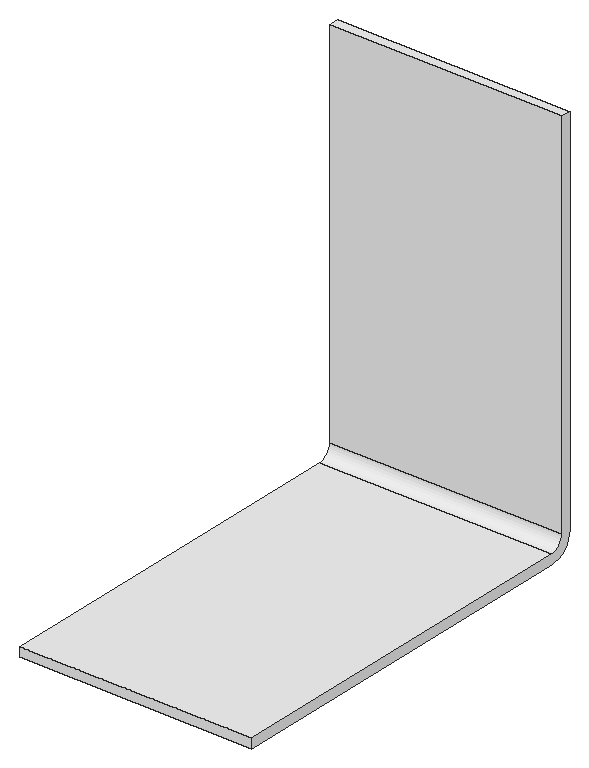
Revit family "JOMA_Spikplåtsvinklar", category Structural Connections, host Face, Revit 2012 (continued)
Lines and regions (mm)
  symbolic lines, visible <- "Spikplåtsvinkel 5512100"
    curve 725: circle (-40, 0, 190) r 2.5 normal (0, -1, 0)
    curve 726: circle (-20, 0, 190) r 2.5 normal (0, -1, 0)
    curve 727: circle (0, 0, 190) r 2.5 normal (0, -1, 0)
    curve 728: circle (20, 0, 190) r 2.5 normal (0, -1, 0)
    curve 729: circle (40, 0, 190) r 2.5 normal (0, -1, 0)
    curve 730: circle (-30, 0, 170) r 2.5 normal (0, -1, 0)
    curve 731: circle (-10, 0, 170) r 2.5 normal (0, -1, 0)
    curve 732: circle (10, 0, 170) r 2.5 normal (0, -1, 0)
    curve 733: circle (30, 0, 170) r 2.5 normal (0, -1, 0)
    curve 734: circle (-40, 0, 150) r 2.5 normal (0, -1, 0)
    curve 735: circle (-20, 0, 150) r 2.5 normal (0, -1, 0)
    curve 736: circle (0, 0, 150) r 2.5 normal (0, -1, 0)
    curve 737: circle (20, 0, 150) r 2.5 normal (0, -1, 0)
    curve 738: circle (40, 0, 150) r 2.5 normal (0, -1, 0)
    curve 739: circle (-30, 0, 130) r 2.5 normal (0, -1, 0)
    curve 740: circle (-10, 0, 130) r 2.5 normal (0, -1, 0)
    curve 741: circle (10, 0, 130) r 2.5 normal (0, -1, 0)
    curve 742: circle (30, 0, 130) r 2.5 normal (0, -1, 0)
    curve 743: circle (-40, 0, 110) r 2.5 normal (0, -1, 0)
    curve 744: circle (-20, 0, 110) r 2.5 normal (0, -1, 0)
    curve 745: circle (0, 0, 110) r 2.5 normal (0, -1, 0)
    curve 746: circle (20, 0, 110) r 2.5 normal (0, -1, 0)
    curve 747: circle (40, 0, 110) r 2.5 normal (0, -1, 0)
    curve 748: circle (-30, 0, 90) r 2.5 normal (0, -1, 0)
    curve 749: circle (-10, 0, 90) r 2.5 normal (0, -1, 0)
    curve 750: circle (10, 0, 90) r 2.5 normal (0, -1, 0)
    curve 751: circle (30, 0, 90) r 2.5 normal (0, -1, 0)
    curve 752: circle (-40, 0, 70) r 2.5 normal (0, -1, 0)
    curve 753: circle (-20, 0, 70) r 2.5 normal (0, -1, 0)
    curve 754: circle (0, 0, 70) r 2.5 normal (0, -1, 0)
    curve 755: circle (20, 0, 70) r 2.5 normal (0, -1, 0)
    curve 756: circle (40, 0, 70) r 2.5 normal (0, -1, 0)
    curve 757: circle (-30, 0, 50) r 2.5 normal (0, -1, 0)
    curve 758: circle (-10, 0, 50) r 2.5 normal (0, -1, 0)
    curve 759: circle (10, 0, 50) r 2.5 normal (0, -1, 0)
    curve 760: circle (30, 0, 50) r 2.5 normal (0, -1, 0)
    curve 761: circle (-40, 0, 30) r 2.5 normal (0, -1, 0)
    curve 762: circle (-20, 0, 30) r 2.5 normal (0, -1, 0)
    curve 763: circle (0, 0, 30) r 2.5 normal (0, -1, 0)
    curve 764: circle (20, 0, 30) r 2.5 normal (0, -1, 0)
    curve 765: circle (40, 0, 30) r 2.5 normal (0, -1, 0)
    curve 766: circle (-30, 0, 10) r 2.5 normal (0, -1, 0)
    curve 767: circle (-10, 0, 10) r 2.5 normal (0, -1, 0)
    curve 768: circle (10, 0, 10) r 2.5 normal (0, -1, 0)
    curve 769: circle (30, 0, 10) r 2.5 normal (0, -1, 0)
  symbolic lines, visible <- "Spikplåtsvinkel 5512100", not visible
    curve 702: circle (-40, -90, 0) r 2.5 normal (0, 0, 1)
    curve 703: circle (-20, -90, 0) r 2.5 normal (0, 0, 1)
    curve 704: circle (0, -90, 0) r 2.5 normal (0, 0, 1)
    curve 705: circle (20, -90, 0) r 2.5 normal (0, 0, 1)
    curve 706: circle (40, -90, 0) r 2.5 normal (0, 0, 1)
    curve 707: circle (-30, -70, 0) r 2.5 normal (0, 0, 1)
    curve 708: circle (-10, -70, 0) r 2.5 normal (0, 0, 1)
    curve 709: circle (10, -70, 0) r 2.5 normal (0, 0, 1)
    curve 710: circle (30, -70, 0) r 2.5 normal (0, 0, 1)
    curve 711: circle (-40, -50, 0) r 2.5 normal (0, 0, 1)
    curve 712: circle (-20, -50, 0) r 2.5 normal (0, 0, 1)
    curve 713: circle (0, -50, 0) r 2.5 normal (0, 0, 1)
    curve 714: circle (20, -50, 0) r 2.5 normal (0, 0, 1)
    curve 715: circle (40, -50, 0) r 2.5 normal (0, 0, 1)
    curve 716: circle (-30, -30, 0) r 2.5 normal (0, 0, 1)
    curve 717: circle (-10, -30, 0) r 2.5 normal (0, 0, 1)
    curve 718: circle (10, -30, 0) r 2.5 normal (0, 0, 1)
    curve 719: circle (30, -30, 0) r 2.5 normal (0, 0, 1)
    curve 720: circle (-40, -10, 0) r 2.5 normal (0, 0, 1)
    curve 721: circle (-20, -10, 0) r 2.5 normal (0, 0, 1)
    curve 722: circle (0, -10, 0) r 2.5 normal (0, 0, 1)
    curve 723: circle (20, -10, 0) r 2.5 normal (0, 0, 1)
    curve 724: circle (40, -10, 0) r 2.5 normal (0, 0, 1)
    curve 770: circle (-40, 0, 190) r 2.5 normal (0, -1, 0)
    curve 771: circle (-20, 0, 190) r 2.5 normal (0, -1, 0)
    curve 772: circle (0, 0, 190) r 2.5 normal (0, -1, 0)
    curve 773: circle (20, 0, 190) r 2.5 normal (0, -1, 0)
    curve 774: circle (40, 0, 190) r 2.5 normal (0, -1, 0)
    curve 775: circle (-30, 0, 170) r 2.5 normal (0, -1, 0)
    curve 776: circle (-10, 0, 170) r 2.5 normal (0, -1, 0)
    curve 777: circle (10, 0, 170) r 2.5 normal (0, -1, 0)
    curve 778: circle (30, 0, 170) r 2.5 normal (0, -1, 0)
    curve 779: circle (-40, 0, 150) r 2.5 normal (0, -1, 0)
    curve 780: circle (-20, 0, 150) r 2.5 normal (0, -1, 0)
    curve 781: circle (0, 0, 150) r 2.5 normal (0, -1, 0)
    curve 782: circle (20, 0, 150) r 2.5 normal (0, -1, 0)
    curve 783: circle (40, 0, 150) r 2.5 normal (0, -1, 0)
    curve 784: circle (-30, 0, 130) r 2.5 normal (0, -1, 0)
    curve 785: circle (-10, 0, 130) r 2.5 normal (0, -1, 0)
    curve 786: circle (10, 0, 130) r 2.5 normal (0, -1, 0)
    curve 787: circle (30, 0, 130) r 2.5 normal (0, -1, 0)
    curve 788: circle (-40, 0, 110) r 2.5 normal (0, -1, 0)
    curve 789: circle (-20, 0, 110) r 2.5 normal (0, -1, 0)
    curve 790: circle (0, 0, 110) r 2.5 normal (0, -1, 0)
    curve 791: circle (20, 0, 110) r 2.5 normal (0, -1, 0)
    curve 792: circle (40, 0, 110) r 2.5 normal (0, -1, 0)
    curve 793: circle (-30, 0, 90) r 2.5 normal (0, -1, 0)
    curve 794: circle (-10, 0, 90) r 2.5 normal (0, -1, 0)
    curve 795: circle (10, 0, 90) r 2.5 normal (0, -1, 0)
    curve 796: circle (30, 0, 90) r 2.5 normal (0, -1, 0)
    curve 797: circle (-40, 0, 70) r 2.5 normal (0, -1, 0)
    curve 798: circle (-20, 0, 70) r 2.5 normal (0, -1, 0)
    curve 799: circle (0, 0, 70) r 2.5 normal (0, -1, 0)
    curve 800: circle (20, 0, 70) r 2.5 normal (0, -1, 0)
    curve 801: circle (40, 0, 70) r 2.5 normal (0, -1, 0)
    curve 802: circle (-30, 0, 50) r 2.5 normal (0, -1, 0)
    curve 803: circle (-10, 0, 50) r 2.5 normal (0, -1, 0)
    curve 804: circle (10, 0, 50) r 2.5 normal (0, -1, 0)
    curve 805: circle (30, 0, 50) r 2.5 normal (0, -1, 0)
    curve 806: circle (-40, 0, 30) r 2.5 normal (0, -1, 0)
    curve 807: circle (-20, 0, 30) r 2.5 normal (0, -1, 0)
    curve 808: circle (0, 0, 30) r 2.5 normal (0, -1, 0)
    curve 809: circle (20, 0, 30) r 2.5 normal (0, -1, 0)
    curve 810: circle (40, 0, 30) r 2.5 normal (0, -1, 0)
    curve 811: circle (-30, 0, 10) r 2.5 normal (0, -1, 0)
    curve 812: circle (-10, 0, 10) r 2.5 normal (0, -1, 0)
    curve 813: circle (10, 0, 10) r 2.5 normal (0, -1, 0)
    curve 814: circle (30, 0, 10) r 2.5 normal (0, -1, 0)
Text (mm)
  text "Virkesdel B" at (228.155, -3.724, 0), in view "Ref. Level"
  text "Virkesdel A" at (235.948, 0, 97.572), in view "Front"
Dimensions and locks
  "b": plane 5 to plane 4
  "l": plane 1 "Center (Front/Back)" to plane 6
  "h": plane 7 to host face
  equal spacing: plane 5, plane 3 "Center (Left/Right)", plane 4
  "t": plane 1 "Center (Front/Back)" to Extrusion 1
  "t": Extrusion 1 to host face
  "ir": radius of Extrusion 1 sketch curve
  "yr": radius of Extrusion 1 sketch curve
  aligned and locked: plane 2 to host face
  aligned and locked: level to host face
  aligned and locked: plane 5 to Extrusion 1
  aligned and locked: Extrusion 1 to plane 4
  aligned and locked: Extrusion 1 to plane 6
  aligned and locked: plane 7 to Extrusion 1
  aligned and locked: Extrusion 1 sketch curve to level
Automatic sketch dimensions
  curve 3 to curve 5 = 10.000 mm
  curve 3 to curve 1 = 10.000 mm
  curve 3 to curve 4 = 20.000 mm
  curve 5 to curve 6 = 20.000 mm
  curve 1 to curve 2 = 20.000 mm
  curve 4 to curve 7 = 20.000 mm
  curve 5 to curve 6 = 0.000 mm
  curve 5 to curve 4 = 20.000 mm
  curve 3 to curve 4 = 0.000 mm
  curve 7 to curve 4 = 0.000 mm
  curve 7 to curve 2 = 20.000 mm
  curve 1 to curve 2 = 0.000 mm
  curve 10 to curve 12 = 10.000 mm
  curve 10 to curve 8 = 10.000 mm
  curve 10 to curve 11 = 20.000 mm
  curve 12 to curve 13 = 20.000 mm
  curve 8 to curve 9 = 20.000 mm
  curve 11 to curve 14 = 20.000 mm
  curve 12 to curve 13 = 0.000 mm
  curve 12 to curve 11 = 20.000 mm
  curve 10 to curve 11 = 0.000 mm
  curve 14 to curve 11 = 0.000 mm
  curve 14 to curve 9 = 20.000 mm
  curve 8 to curve 9 = 0.000 mm
  host sketch curve to host sketch curve = 2438.400 mm  (x2)
  Extrusion 1 sketch curve to Extrusion 1 sketch curve = 0.000 mm  (x2)
  Extrusion 1 sketch curve to plane 6 = 0.000 mm
  Extrusion 1 sketch curve to plane 7 = 0.000 mm
  Extrusion 1 sketch curve to plane 1 "Center (Front/Back)" = 0.000 mm
  radius of curve 1 = 2.500 mm
  radius of curve 2 = 2.500 mm
  radius of curve 3 = 2.500 mm
  radius of curve 4 = 2.500 mm
  radius of curve 5 = 2.500 mm
  radius of curve 6 = 2.500 mm
  radius of curve 7 = 2.500 mm
  radius of curve 8 = 2.500 mm
  radius of curve 9 = 2.500 mm
  radius of curve 10 = 2.500 mm
  radius of curve 11 = 2.500 mm
  radius of curve 12 = 2.500 mm
  radius of curve 13 = 2.500 mm
  radius of curve 14 = 2.500 mm
Nested families
  nested 1: "Spikmönster" at (-20, -10, 0), visible <- "5566060 & 5526660 Förband Typ 1", type "Ø5"
  nested 2: "Spikmönster" at (20, -10, 0), visible <- "5566060 & 5526660 Förband Typ 1", type "Ø5"
  nested 3: "Spikmönster" at (0, -50, 0), visible <- "5566060 & 5526660 Förband Typ 1", type "Ø5"
  nested 4: "Spikmönster" at (-20, -10, 0), visible <- "5566060 & 5526660 Förband Typ 1", type "Ø5", not visible
  nested 5: "Spikmönster" at (20, -10, 0), visible <- "5566060 & 5526660 Förband Typ 1", type "Ø5", not visible
  nested 6: "Spikmönster" at (0, -50, 0), visible <- "5566060 & 5526660 Förband Typ 1", type "Ø5", not visible
  nested 7: "Spikmönster" at (-20, 0, 30) x (1, 0, 0) z (0, -1, 0), visible <- "5566060 & 5526660 Förband Typ 1", type "Ø5"
  nested 8: "Spikmönster" at (20, 0, 30) x (1, 0, 0) z (0, -1, 0), visible <- "5566060 & 5526660 Förband Typ 1", type "Ø5"
  nested 9: "Spikmönster" at (10, 0, 50) x (1, 0, 0) z (0, -1, 0), visible <- "5566060 & 5526660 Förband Typ 1", type "Ø5"
  nested 10: "Spikmönster" at (-20, 0, 30) x (1, 0, 0) z (0, -1, 0), visible <- "5566060 & 5526660 Förband Typ 1", type "Ø5", not visible
  nested 11: "Spikmönster" at (20, 0, 30) x (1, 0, 0) z (0, -1, 0), visible <- "5566060 & 5526660 Förband Typ 1", type "Ø5", not visible
  nested 12: "Spikmönster" at (10, 0, 50) x (1, 0, 0) z (0, -1, 0), visible <- "5566060 & 5526660 Förband Typ 1", type "Ø5", not visible
  nested 13: "Spikmönster" at (-20, 0, 50) x (1, 0, 0) z (0, -1, 0), visible <- "5566080 & 5526680 Förband Typ 1", type "Ø5"
  nested 14: "Spikmönster" at (20, 0, 50) x (1, 0, 0) z (0, -1, 0), visible <- "5566080 & 5526680 Förband Typ 1", type "Ø5"
  nested 15: "Spikmönster" at (10, 0, 30) x (1, 0, 0) z (0, -1, 0), visible <- "5566080 & 5526680 Förband Typ 1", type "Ø5"
  nested 16: "Spikmönster" at (-30, 0, 30) x (1, 0, 0) z (0, -1, 0), visible <- "5566080 & 5526680 Förband Typ 1", type "Ø5"
  nested 17: "Spikmönster" at (-20, 0, 50) x (1, 0, 0) z (0, -1, 0), visible <- "5566080 & 5526680 Förband Typ 1", type "Ø5", not visible
  nested 18: "Spikmönster" at (20, 0, 50) x (1, 0, 0) z (0, -1, 0), visible <- "5566080 & 5526680 Förband Typ 1", type "Ø5", not visible
  nested 19: "Spikmönster" at (10, 0, 30) x (1, 0, 0) z (0, -1, 0), visible <- "5566080 & 5526680 Förband Typ 1", type "Ø5", not visible
  nested 20: "Spikmönster" at (-30, 0, 30) x (1, 0, 0) z (0, -1, 0), visible <- "5566080 & 5526680 Förband Typ 1", type "Ø5", not visible
  nested 21: "Spikmönster" at (-30, -10, 0), visible <- "5566080 & 5526680 Förband Typ 1", type "Ø5"
  nested 22: "Spikmönster" at (30, -10, 0), visible <- "5566080 & 5526680 Förband Typ 1", type "Ø5"
  nested 23: "Spikmönster" at (30, -50, 0), visible <- "5566080 & 5526680 Förband Typ 1", type "Ø5"
  nested 24: "Spikmönster" at (-30, -50, 0), visible <- "5566080 & 5526680 Förband Typ 1", type "Ø5"
  nested 25: "Spikmönster" at (-30, -10, 0), visible <- "5566080 & 5526680 Förband Typ 1", type "Ø5", not visible
  nested 26: "Spikmönster" at (30, -10, 0), visible <- "5566080 & 5526680 Förband Typ 1", type "Ø5", not visible
  nested 27: "Spikmönster" at (30, -50, 0), visible <- "5566080 & 5526680 Förband Typ 1", type "Ø5", not visible
  nested 28: "Spikmönster" at (-30, -50, 0), visible <- "5566080 & 5526680 Förband Typ 1", type "Ø5", not visible
  nested 29: "Spikmönster" at (-40, -10, 0), visible <- "5566100 & 55266100 Förband Typ 1", type "Ø5"
  nested 30: "Spikmönster" at (0, -10, 0), visible <- "5566100 & 55266100 Förband Typ 1", type "Ø5"
  nested 31: "Spikmönster" at (40, -10, 0), visible <- "5566100 & 55266100 Förband Typ 1", type "Ø5"
  nested 32: "Spikmönster" at (40, -50, 0), visible <- "5566100 & 55266100 Förband Typ 1", type "Ø5"
  nested 33: "Spikmönster" at (-40, -50, 0), visible <- "5566100 & 55266100 Förband Typ 1", type "Ø5"
  nested 34: "Spikmönster" at (-40, -10, 0), visible <- "5566100 & 55266100 Förband Typ 1", type "Ø5", not visible
  nested 35: "Spikmönster" at (0, -10, 0), visible <- "5566100 & 55266100 Förband Typ 1", type "Ø5", not visible
  nested 36: "Spikmönster" at (40, -10, 0), visible <- "5566100 & 55266100 Förband Typ 1", type "Ø5", not visible
  nested 37: "Spikmönster" at (40, -50, 0), visible <- "5566100 & 55266100 Förband Typ 1", type "Ø5", not visible
  nested 38: "Spikmönster" at (-40, -50, 0), visible <- "5566100 & 55266100 Förband Typ 1", type "Ø5", not visible
  nested 39: "Spikmönster" at (-30, 0, 50) x (1, 0, 0) z (0, -1, 0), visible <- "5566100 & 55266100 Förband Typ 1", type "Ø5"
  nested 40: "Spikmönster" at (30, 0, 50) x (1, 0, 0) z (0, -1, 0), visible <- "5566100 & 55266100 Förband Typ 1", type "Ø5"
  nested 41: "Spikmönster" at (40, 0, 30) x (1, 0, 0) z (0, -1, 0), visible <- "5566100 & 55266100 Förband Typ 1", type "Ø5"
  nested 42: "Spikmönster" at (0, 0, 30) x (1, 0, 0) z (0, -1, 0), visible <- "5566100 & 55266100 Förband Typ 1", type "Ø5"
  nested 43: "Spikmönster" at (-40, 0, 30) x (1, 0, 0) z (0, -1, 0), visible <- "5566100 & 55266100 Förband Typ 1", type "Ø5"
  nested 44: "Spikmönster" at (-30, 0, 50) x (1, 0, 0) z (0, -1, 0), visible <- "5566100 & 55266100 Förband Typ 1", type "Ø5", not visible
  nested 45: "Spikmönster" at (30, 0, 50) x (1, 0, 0) z (0, -1, 0), visible <- "5566100 & 55266100 Förband Typ 1", type "Ø5", not visible
  nested 46: "Spikmönster" at (40, 0, 30) x (1, 0, 0) z (0, -1, 0), visible <- "5566100 & 55266100 Förband Typ 1", type "Ø5", not visible
  nested 47: "Spikmönster" at (0, 0, 30) x (1, 0, 0) z (0, -1, 0), visible <- "5566100 & 55266100 Förband Typ 1", type "Ø5", not visible
  nested 48: "Spikmönster" at (-40, 0, 30) x (1, 0, 0) z (0, -1, 0), visible <- "5566100 & 55266100 Förband Typ 1", type "Ø5", not visible
  nested 49: "Spikmönster" at (-10, 0, 70) x (1, 0, 0) z (0, -1, 0), visible <- "5588040 & 5528840 Förband Typ 1", type "Ø5"
  nested 50: "Spikmönster" at (0, 0, 50) x (1, 0, 0) z (0, -1, 0), visible <- "5588040 & 5528840 Förband Typ 1", type "Ø5"
  nested 51: "Spikmönster" at (10, 0, 30) x (1, 0, 0) z (0, -1, 0), visible <- "5588040 & 5528840 Förband Typ 1", type "Ø5"
  nested 52: "Spikmönster" at (-10, 0, 70) x (1, 0, 0) z (0, -1, 0), visible <- "5588040 & 5528840 Förband Typ 1", type "Ø5", not visible
  nested 53: "Spikmönster" at (0, 0, 50) x (1, 0, 0) z (0, -1, 0), visible <- "5588040 & 5528840 Förband Typ 1", type "Ø5", not visible
  nested 54: "Spikmönster" at (10, 0, 30) x (1, 0, 0) z (0, -1, 0), visible <- "5588040 & 5528840 Förband Typ 1", type "Ø5", not visible
  nested 55: "Spikmönster" at (-10, -10, 0), visible <- "5588040 & 5528840 Förband Typ 1", type "Ø5"
  nested 56: "Spikmönster" at (10, -10, 0), visible <- "5588040 & 5528840 Förband Typ 1", type "Ø5"
  nested 57: "Spikmönster" at (10, -50, 0), visible <- "5588040 & 5528840 Förband Typ 1", type "Ø5"
  nested 58: "Spikmönster" at (-10, -50, 0), visible <- "5588040 & 5528840 Förband Typ 1", type "Ø5"
  nested 59: "Spikmönster" at (-10, -10, 0), visible <- "5588040 & 5528840 Förband Typ 1", type "Ø5", not visible
  nested 60: "Spikmönster" at (10, -10, 0), visible <- "5588040 & 5528840 Förband Typ 1", type "Ø5", not visible
  nested 61: "Spikmönster" at (10, -50, 0), visible <- "5588040 & 5528840 Förband Typ 1", type "Ø5", not visible
  nested 62: "Spikmönster" at (-10, -50, 0), visible <- "5588040 & 5528840 Förband Typ 1", type "Ø5", not visible
  nested 63: "Spikmönster" at (-20, -10, 0), visible <- "5588060 & 5528860 Förband Typ 1", type "Ø5"
  nested 64: "Spikmönster" at (20, -10, 0), visible <- "5588060 & 5528860 Förband Typ 1", type "Ø5"
  nested 65: "Spikmönster" at (10, -70, 0), visible <- "5588060 & 5528860 Förband Typ 1", type "Ø5"
  nested 66: "Spikmönster" at (-10, -70, 0), visible <- "5588060 & 5528860 Förband Typ 1", type "Ø5"
  nested 67: "Spikmönster" at (-20, -10, 0), visible <- "5588060 & 5528860 Förband Typ 1", type "Ø5", not visible
  nested 68: "Spikmönster" at (20, -10, 0), visible <- "5588060 & 5528860 Förband Typ 1", type "Ø5", not visible
  nested 69: "Spikmönster" at (10, -70, 0), visible <- "5588060 & 5528860 Förband Typ 1", type "Ø5", not visible
  nested 70: "Spikmönster" at (-10, -70, 0), visible <- "5588060 & 5528860 Förband Typ 1", type "Ø5", not visible
  nested 71: "Spikmönster" at (-20, 0, 70) x (1, 0, 0) z (0, -1, 0), visible <- "5588060 & 5528860 Förband Typ 1", type "Ø5"
  nested 72: "Spikmönster" at (20, 0, 70) x (1, 0, 0) z (0, -1, 0), visible <- "5588060 & 5528860 Förband Typ 1", type "Ø5"
  nested 73: "Spikmönster" at (20, 0, 30) x (1, 0, 0) z (0, -1, 0), visible <- "5588060 & 5528860 Förband Typ 1", type "Ø5"
  nested 74: "Spikmönster" at (-20, 0, 30) x (1, 0, 0) z (0, -1, 0), visible <- "5588060 & 5528860 Förband Typ 1", type "Ø5"
  nested 75: "Spikmönster" at (10, 0, 50) x (1, 0, 0) z (0, -1, 0), visible <- "5588060 & 5528860 Förband Typ 1", type "Ø5"
  nested 76: "Spikmönster" at (-20, 0, 70) x (1, 0, 0) z (0, -1, 0), visible <- "5588060 & 5528860 Förband Typ 1", type "Ø5", not visible
  nested 77: "Spikmönster" at (20, 0, 70) x (1, 0, 0) z (0, -1, 0), visible <- "5588060 & 5528860 Förband Typ 1", type "Ø5", not visible
  nested 78: "Spikmönster" at (20, 0, 30) x (1, 0, 0) z (0, -1, 0), visible <- "5588060 & 5528860 Förband Typ 1", type "Ø5", not visible
  nested 79: "Spikmönster" at (-20, 0, 30) x (1, 0, 0) z (0, -1, 0), visible <- "5588060 & 5528860 Förband Typ 1", type "Ø5", not visible
  nested 80: "Spikmönster" at (10, 0, 50) x (1, 0, 0) z (0, -1, 0), visible <- "5588060 & 5528860 Förband Typ 1", type "Ø5", not visible
  nested 81: "Spikmönster" at (-10, 0, 70) x (1, 0, 0) z (0, -1, 0), visible <- "5588080 & 5528880 Förband Typ 1", type "Ø5"
  nested 82: "Spikmönster" at (30, 0, 70) x (1, 0, 0) z (0, -1, 0), visible <- "5588080 & 5528880 Förband Typ 1", type "Ø5"
  nested 83: "Spikmönster" at (20, 0, 50) x (1, 0, 0) z (0, -1, 0), visible <- "5588080 & 5528880 Förband Typ 1", type "Ø5"
  nested 84: "Spikmönster" at (-20, 0, 50) x (1, 0, 0) z (0, -1, 0), visible <- "5588080 & 5528880 Förband Typ 1", type "Ø5"
  nested 85: "Spikmönster" at (-30, 0, 30) x (1, 0, 0) z (0, -1, 0), visible <- "5588080 & 5528880 Förband Typ 1", type "Ø5"
  nested 86: "Spikmönster" at (10, 0, 30) x (1, 0, 0) z (0, -1, 0), visible <- "5588080 & 5528880 Förband Typ 1", type "Ø5"
  nested 87: "Spikmönster" at (-10, 0, 70) x (1, 0, 0) z (0, -1, 0), visible <- "5588080 & 5528880 Förband Typ 1", type "Ø5", not visible
  nested 88: "Spikmönster" at (30, 0, 70) x (1, 0, 0) z (0, -1, 0), visible <- "5588080 & 5528880 Förband Typ 1", type "Ø5", not visible
  nested 89: "Spikmönster" at (20, 0, 50) x (1, 0, 0) z (0, -1, 0), visible <- "5588080 & 5528880 Förband Typ 1", type "Ø5", not visible
  nested 90: "Spikmönster" at (-20, 0, 50) x (1, 0, 0) z (0, -1, 0), visible <- "5588080 & 5528880 Förband Typ 1", type "Ø5", not visible
  nested 91: "Spikmönster" at (-30, 0, 30) x (1, 0, 0) z (0, -1, 0), visible <- "5588080 & 5528880 Förband Typ 1", type "Ø5", not visible
  nested 92: "Spikmönster" at (10, 0, 30) x (1, 0, 0) z (0, -1, 0), visible <- "5588080 & 5528880 Förband Typ 1", type "Ø5", not visible
  nested 93: "Spikmönster" at (-30, -10, 0), visible <- "5588080 & 5528880 Förband Typ 1", type "Ø5"
  nested 94: "Spikmönster" at (-10, -10, 0), visible <- "5588080 & 5528880 Förband Typ 1", type "Ø5"
  nested 95: "Spikmönster" at (10, -10, 0), visible <- "5588080 & 5528880 Förband Typ 1", type "Ø5"
  nested 96: "Spikmönster" at (30, -10, 0), visible <- "5588080 & 5528880 Förband Typ 1", type "Ø5"
  nested 97: "Spikmönster" at (20, -70, 0), visible <- "5588080 & 5528880 Förband Typ 1", type "Ø5"
  nested 98: "Spikmönster" at (-20, -70, 0), visible <- "5588080 & 5528880 Förband Typ 1", type "Ø5"
  nested 99: "Spikmönster" at (-30, -10, 0), visible <- "5588080 & 5528880 Förband Typ 1", type "Ø5", not visible
  nested 100: "Spikmönster" at (-10, -10, 0), visible <- "5588080 & 5528880 Förband Typ 1", type "Ø5", not visible
  nested 101: "Spikmönster" at (10, -10, 0), visible <- "5588080 & 5528880 Förband Typ 1", type "Ø5", not visible
  nested 102: "Spikmönster" at (30, -10, 0), visible <- "5588080 & 5528880 Förband Typ 1", type "Ø5", not visible
  nested 103: "Spikmönster" at (20, -70, 0), visible <- "5588080 & 5528880 Förband Typ 1", type "Ø5", not visible
  nested 104: "Spikmönster" at (-20, -70, 0), visible <- "5588080 & 5528880 Förband Typ 1", type "Ø5", not visible
  nested 105: "Spikmönster" at (-40, -10, 0), visible <- "5588100 Förband Typ 1", type "Ø5"
  nested 106: "Spikmönster" at (0, -10, 0), visible <- "5588100 Förband Typ 1", type "Ø5"
  nested 107: "Spikmönster" at (40, -10, 0), visible <- "5588100 Förband Typ 1", type "Ø5"
  nested 108: "Spikmönster" at (30, -70, 0), visible <- "5588100 Förband Typ 1", type "Ø5"
  nested 109: "Spikmönster" at (-30, -70, 0), visible <- "5588100 Förband Typ 1", type "Ø5"
  nested 110: "Spikmönster" at (-40, -10, 0), visible <- "5588100 Förband Typ 1", type "Ø5", not visible
  nested 111: "Spikmönster" at (0, -10, 0), visible <- "5588100 Förband Typ 1", type "Ø5", not visible
  nested 112: "Spikmönster" at (40, -10, 0), visible <- "5588100 Förband Typ 1", type "Ø5", not visible
  nested 113: "Spikmönster" at (30, -70, 0), visible <- "5588100 Förband Typ 1", type "Ø5", not visible
  nested 114: "Spikmönster" at (-30, -70, 0), visible <- "5588100 Förband Typ 1", type "Ø5", not visible
  nested 115: "Spikmönster" at (-40, 0, 70) x (1, 0, 0) z (0, -1, 0), visible <- "5588100 Förband Typ 1", type "Ø5"
  nested 116: "Spikmönster" at (0, 0, 70) x (1, 0, 0) z (0, -1, 0), visible <- "5588100 Förband Typ 1", type "Ø5"
  nested 117: "Spikmönster" at (40, 0, 70) x (1, 0, 0) z (0, -1, 0), visible <- "5588100 Förband Typ 1", type "Ø5"
  nested 118: "Spikmönster" at (40, 0, 30) x (1, 0, 0) z (0, -1, 0), visible <- "5588100 Förband Typ 1", type "Ø5"
  nested 119: "Spikmönster" at (0, 0, 30) x (1, 0, 0) z (0, -1, 0), visible <- "5588100 Förband Typ 1", type "Ø5"
  nested 120: "Spikmönster" at (-40, 0, 30) x (1, 0, 0) z (0, -1, 0), visible <- "5588100 Förband Typ 1", type "Ø5"
  nested 121: "Spikmönster" at (-30, 0, 50) x (1, 0, 0) z (0, -1, 0), visible <- "5588100 Förband Typ 1", type "Ø5"
  nested 122: "Spikmönster" at (30, 0, 50) x (1, 0, 0) z (0, -1, 0), visible <- "5588100 Förband Typ 1", type "Ø5"
  nested 123: "Spikmönster" at (-40, 0, 70) x (1, 0, 0) z (0, -1, 0), visible <- "5588100 Förband Typ 1", type "Ø5", not visible
  nested 124: "Spikmönster" at (0, 0, 70) x (1, 0, 0) z (0, -1, 0), visible <- "5588100 Förband Typ 1", type "Ø5", not visible
  nested 125: "Spikmönster" at (40, 0, 70) x (1, 0, 0) z (0, -1, 0), visible <- "5588100 Förband Typ 1", type "Ø5", not visible
  nested 126: "Spikmönster" at (40, 0, 30) x (1, 0, 0) z (0, -1, 0), visible <- "5588100 Förband Typ 1", type "Ø5", not visible
  nested 127: "Spikmönster" at (0, 0, 30) x (1, 0, 0) z (0, -1, 0), visible <- "5588100 Förband Typ 1", type "Ø5", not visible
  nested 128: "Spikmönster" at (-40, 0, 30) x (1, 0, 0) z (0, -1, 0), visible <- "5588100 Förband Typ 1", type "Ø5", not visible
  nested 129: "Spikmönster" at (-30, 0, 50) x (1, 0, 0) z (0, -1, 0), visible <- "5588100 Förband Typ 1", type "Ø5", not visible
  nested 130: "Spikmönster" at (30, 0, 50) x (1, 0, 0) z (0, -1, 0), visible <- "5588100 Förband Typ 1", type "Ø5", not visible
  nested 131: "Spikmönster" at (-30, 0, 70) x (1, 0, 0) z (0, -1, 0), visible <- "5588120 Förband Typ 1", type "Ø5"
  nested 132: "Spikmönster" at (10, 0, 70) x (1, 0, 0) z (0, -1, 0), visible <- "5588120 Förband Typ 1", type "Ø5"
  nested 133: "Spikmönster" at (50, 0, 70) x (1, 0, 0) z (0, -1, 0), visible <- "5588120 Förband Typ 1", type "Ø5"
  nested 134: "Spikmönster" at (40, 0, 50) x (1, 0, 0) z (0, -1, 0), visible <- "5588120 Förband Typ 1", type "Ø5"
  nested 135: "Spikmönster" at (0, 0, 50) x (1, 0, 0) z (0, -1, 0), visible <- "5588120 Förband Typ 1", type "Ø5"
  nested 136: "Spikmönster" at (-40, 0, 50) x (1, 0, 0) z (0, -1, 0), visible <- "5588120 Förband Typ 1", type "Ø5"
  nested 137: "Spikmönster" at (-50, 0, 30) x (1, 0, 0) z (0, -1, 0), visible <- "5588120 Förband Typ 1", type "Ø5"
  nested 138: "Spikmönster" at (-10, 0, 30) x (1, 0, 0) z (0, -1, 0), visible <- "5588120 Förband Typ 1", type "Ø5"
  nested 139: "Spikmönster" at (30, 0, 30) x (1, 0, 0) z (0, -1, 0), visible <- "5588120 Förband Typ 1", type "Ø5"
  nested 140: "Spikmönster" at (-30, 0, 70) x (1, 0, 0) z (0, -1, 0), visible <- "5588120 Förband Typ 1", type "Ø5", not visible
  nested 141: "Spikmönster" at (10, 0, 70) x (1, 0, 0) z (0, -1, 0), visible <- "5588120 Förband Typ 1", type "Ø5", not visible
  nested 142: "Spikmönster" at (50, 0, 70) x (1, 0, 0) z (0, -1, 0), visible <- "5588120 Förband Typ 1", type "Ø5", not visible
  nested 143: "Spikmönster" at (40, 0, 50) x (1, 0, 0) z (0, -1, 0), visible <- "5588120 Förband Typ 1", type "Ø5", not visible
  nested 144: "Spikmönster" at (0, 0, 50) x (1, 0, 0) z (0, -1, 0), visible <- "5588120 Förband Typ 1", type "Ø5", not visible
  nested 145: "Spikmönster" at (-40, 0, 50) x (1, 0, 0) z (0, -1, 0), visible <- "5588120 Förband Typ 1", type "Ø5", not visible
  nested 146: "Spikmönster" at (-50, 0, 30) x (1, 0, 0) z (0, -1, 0), visible <- "5588120 Förband Typ 1", type "Ø5", not visible
  nested 147: "Spikmönster" at (-10, 0, 30) x (1, 0, 0) z (0, -1, 0), visible <- "5588120 Förband Typ 1", type "Ø5", not visible
  nested 148: "Spikmönster" at (30, 0, 30) x (1, 0, 0) z (0, -1, 0), visible <- "5588120 Förband Typ 1", type "Ø5", not visible
  nested 149: "Spikmönster" at (-50, -10, 0), visible <- "5588120 Förband Typ 1", type "Ø5"
  nested 150: "Spikmönster" at (-10, -10, 0), visible <- "5588120 Förband Typ 1", type "Ø5"
  nested 151: "Spikmönster" at (10, -10, 0), visible <- "5588120 Förband Typ 1", type "Ø5"
  nested 152: "Spikmönster" at (50, -10, 0), visible <- "5588120 Förband Typ 1", type "Ø5"
  nested 153: "Spikmönster" at (-40, -70, 0), visible <- "5588120 Förband Typ 1", type "Ø5"
  nested 154: "Spikmönster" at (40, -70, 0), visible <- "5588120 Förband Typ 1", type "Ø5"
  nested 155: "Spikmönster" at (-50, -10, 0), visible <- "5588120 Förband Typ 1", type "Ø5", not visible
  nested 156: "Spikmönster" at (-10, -10, 0), visible <- "5588120 Förband Typ 1", type "Ø5", not visible
  nested 157: "Spikmönster" at (10, -10, 0), visible <- "5588120 Förband Typ 1", type "Ø5", not visible
  nested 158: "Spikmönster" at (50, -10, 0), visible <- "5588120 Förband Typ 1", type "Ø5", not visible
  nested 159: "Spikmönster" at (-40, -70, 0), visible <- "5588120 Förband Typ 1", type "Ø5", not visible
  nested 160: "Spikmönster" at (40, -70, 0), visible <- "5588120 Förband Typ 1", type "Ø5", not visible
  nested 161: "Spikmönster" at (-20, -10, 0), visible <- "5511060 Förband Typ 1", type "Ø5"
  nested 162: "Spikmönster" at (0, -10, 0), visible <- "5511060 Förband Typ 1", type "Ø5"
  nested 163: "Spikmönster" at (20, -10, 0), visible <- "5511060 Förband Typ 1", type "Ø5"
  nested 164: "Spikmönster" at (20, -90, 0), visible <- "5511060 Förband Typ 1", type "Ø5"
  nested 165: "Spikmönster" at (-20, -90, 0), visible <- "5511060 Förband Typ 1", type "Ø5"
  nested 166: "Spikmönster" at (-20, -10, 0), visible <- "5511060 Förband Typ 1", type "Ø5", not visible
  nested 167: "Spikmönster" at (0, -10, 0), visible <- "5511060 Förband Typ 1", type "Ø5", not visible
  nested 168: "Spikmönster" at (20, -10, 0), visible <- "5511060 Förband Typ 1", type "Ø5", not visible
  nested 169: "Spikmönster" at (20, -90, 0), visible <- "5511060 Förband Typ 1", type "Ø5", not visible
  nested 170: "Spikmönster" at (-20, -90, 0), visible <- "5511060 Förband Typ 1", type "Ø5", not visible
  nested 171: "Spikmönster" at (10, 0, 90) x (1, 0, 0) z (0, -1, 0), visible <- "5511060 Förband Typ 1", type "Ø5"
  nested 172: "Spikmönster" at (20, 0, 70) x (1, 0, 0) z (0, -1, 0), visible <- "5511060 Förband Typ 1", type "Ø5"
  nested 173: "Spikmönster" at (-20, 0, 70) x (1, 0, 0) z (0, -1, 0), visible <- "5511060 Förband Typ 1", type "Ø5"
  nested 174: "Spikmönster" at (-10, 0, 50) x (1, 0, 0) z (0, -1, 0), visible <- "5511060 Förband Typ 1", type "Ø5"
  nested 175: "Spikmönster" at (-20, 0, 30) x (1, 0, 0) z (0, -1, 0), visible <- "5511060 Förband Typ 1", type "Ø5"
  nested 176: "Spikmönster" at (20, 0, 30) x (1, 0, 0) z (0, -1, 0), visible <- "5511060 Förband Typ 1", type "Ø5"
  nested 177: "Spikmönster" at (10, 0, 90) x (1, 0, 0) z (0, -1, 0), visible <- "5511060 Förband Typ 1", type "Ø5", not visible
  nested 178: "Spikmönster" at (20, 0, 70) x (1, 0, 0) z (0, -1, 0), visible <- "5511060 Förband Typ 1", type "Ø5", not visible
  nested 179: "Spikmönster" at (-20, 0, 70) x (1, 0, 0) z (0, -1, 0), visible <- "5511060 Förband Typ 1", type "Ø5", not visible
  nested 180: "Spikmönster" at (-10, 0, 50) x (1, 0, 0) z (0, -1, 0), visible <- "5511060 Förband Typ 1", type "Ø5", not visible
  nested 181: "Spikmönster" at (-20, 0, 30) x (1, 0, 0) z (0, -1, 0), visible <- "5511060 Förband Typ 1", type "Ø5", not visible
  nested 182: "Spikmönster" at (20, 0, 30) x (1, 0, 0) z (0, -1, 0), visible <- "5511060 Förband Typ 1", type "Ø5", not visible
  nested 183: "Spikmönster" at (-20, 0, 90) x (1, 0, 0) z (0, -1, 0), visible <- "5511080 Förband Typ 1", type "Ø5"
  nested 184: "Spikmönster" at (20, 0, 90) x (1, 0, 0) z (0, -1, 0), visible <- "5511080 Förband Typ 1", type "Ø5"
  nested 185: "Spikmönster" at (10, 0, 70) x (1, 0, 0) z (0, -1, 0), visible <- "5511080 Förband Typ 1", type "Ø5"
  nested 186: "Spikmönster" at (-30, 0, 70) x (1, 0, 0) z (0, -1, 0), visible <- "5511080 Förband Typ 1", type "Ø5"
  nested 187: "Spikmönster" at (-20, 0, 50) x (1, 0, 0) z (0, -1, 0), visible <- "5511080 Förband Typ 1", type "Ø5"
  nested 188: "Spikmönster" at (20, 0, 50) x (1, 0, 0) z (0, -1, 0), visible <- "5511080 Förband Typ 1", type "Ø5"
  nested 189: "Spikmönster" at (30, 0, 30) x (1, 0, 0) z (0, -1, 0), visible <- "5511080 Förband Typ 1", type "Ø5"
  nested 190: "Spikmönster" at (-10, 0, 30) x (1, 0, 0) z (0, -1, 0), visible <- "5511080 Förband Typ 1", type "Ø5"
  nested 191: "Spikmönster" at (-20, 0, 90) x (1, 0, 0) z (0, -1, 0), visible <- "5511080 Förband Typ 1", type "Ø5", not visible
  nested 192: "Spikmönster" at (20, 0, 90) x (1, 0, 0) z (0, -1, 0), visible <- "5511080 Förband Typ 1", type "Ø5", not visible
  nested 193: "Spikmönster" at (10, 0, 70) x (1, 0, 0) z (0, -1, 0), visible <- "5511080 Förband Typ 1", type "Ø5", not visible
  nested 194: "Spikmönster" at (-30, 0, 70) x (1, 0, 0) z (0, -1, 0), visible <- "5511080 Förband Typ 1", type "Ø5", not visible
  nested 195: "Spikmönster" at (-20, 0, 50) x (1, 0, 0) z (0, -1, 0), visible <- "5511080 Förband Typ 1", type "Ø5", not visible
  nested 196: "Spikmönster" at (20, 0, 50) x (1, 0, 0) z (0, -1, 0), visible <- "5511080 Förband Typ 1", type "Ø5", not visible
  nested 197: "Spikmönster" at (30, 0, 30) x (1, 0, 0) z (0, -1, 0), visible <- "5511080 Förband Typ 1", type "Ø5", not visible
  nested 198: "Spikmönster" at (-10, 0, 30) x (1, 0, 0) z (0, -1, 0), visible <- "5511080 Förband Typ 1", type "Ø5", not visible
  nested 199: "Spikmönster" at (-30, -10, 0), visible <- "5511080 Förband Typ 1", type "Ø5"
  nested 200: "Spikmönster" at (-10, -10, 0), visible <- "5511080 Förband Typ 1", type "Ø5"
  nested 201: "Spikmönster" at (10, -10, 0), visible <- "5511080 Förband Typ 1", type "Ø5"
  nested 202: "Spikmönster" at (30, -10, 0), visible <- "5511080 Förband Typ 1", type "Ø5"
  nested 203: "Spikmönster" at (30, -90, 0), visible <- "5511080 Förband Typ 1", type "Ø5"
  nested 204: "Spikmönster" at (-30, -90, 0), visible <- "5511080 Förband Typ 1", type "Ø5"
  nested 205: "Spikmönster" at (-30, -10, 0), visible <- "5511080 Förband Typ 1", type "Ø5", not visible
  nested 206: "Spikmönster" at (-10, -10, 0), visible <- "5511080 Förband Typ 1", type "Ø5", not visible
  nested 207: "Spikmönster" at (10, -10, 0), visible <- "5511080 Förband Typ 1", type "Ø5", not visible
  nested 208: "Spikmönster" at (30, -10, 0), visible <- "5511080 Förband Typ 1", type "Ø5", not visible
  nested 209: "Spikmönster" at (30, -90, 0), visible <- "5511080 Förband Typ 1", type "Ø5", not visible
  nested 210: "Spikmönster" at (-30, -90, 0), visible <- "5511080 Förband Typ 1", type "Ø5", not visible
  nested 211: "Spikmönster" at (-40, -10, 0), visible <- "5511100 Förband Typ 1", type "Ø5"
  nested 212: "Spikmönster" at (-20, -10, 0), visible <- "5511100 Förband Typ 1", type "Ø5"
  nested 213: "Spikmönster" at (0, -10, 0), visible <- "5511100 Förband Typ 1", type "Ø5"
  nested 214: "Spikmönster" at (20, -10, 0), visible <- "5511100 Förband Typ 1", type "Ø5"
  nested 215: "Spikmönster" at (40, -10, 0), visible <- "5511100 Förband Typ 1", type "Ø5"
  nested 216: "Spikmönster" at (40, -90, 0), visible <- "5511100 Förband Typ 1", type "Ø5"
  nested 217: "Spikmönster" at (0, -90, 0), visible <- "5511100 Förband Typ 1", type "Ø5"
  nested 218: "Spikmönster" at (-40, -90, 0), visible <- "5511100 Förband Typ 1", type "Ø5"
  nested 219: "Spikmönster" at (-40, -10, 0), visible <- "5511100 Förband Typ 1", type "Ø5", not visible
  nested 220: "Spikmönster" at (-20, -10, 0), visible <- "5511100 Förband Typ 1", type "Ø5", not visible
  nested 221: "Spikmönster" at (0, -10, 0), visible <- "5511100 Förband Typ 1", type "Ø5", not visible
  nested 222: "Spikmönster" at (20, -10, 0), visible <- "5511100 Förband Typ 1", type "Ø5", not visible
  nested 223: "Spikmönster" at (40, -10, 0), visible <- "5511100 Förband Typ 1", type "Ø5", not visible
  nested 224: "Spikmönster" at (40, -90, 0), visible <- "5511100 Förband Typ 1", type "Ø5", not visible
  nested 225: "Spikmönster" at (0, -90, 0), visible <- "5511100 Förband Typ 1", type "Ø5", not visible
  nested 226: "Spikmönster" at (-40, -90, 0), visible <- "5511100 Förband Typ 1", type "Ø5", not visible
  nested 227: "Spikmönster" at (-30, 0, 90) x (1, 0, 0) z (0, -1, 0), visible <- "5511100 Förband Typ 1", type "Ø5"
  nested 228: "Spikmönster" at (30, 0, 90) x (1, 0, 0) z (0, -1, 0), visible <- "5511100 Förband Typ 1", type "Ø5"
  nested 229: "Spikmönster" at (40, 0, 70) x (1, 0, 0) z (0, -1, 0), visible <- "5511100 Förband Typ 1", type "Ø5"
  nested 230: "Spikmönster" at (0, 0, 70) x (1, 0, 0) z (0, -1, 0), visible <- "5511100 Förband Typ 1", type "Ø5"
  nested 231: "Spikmönster" at (-40, 0, 70) x (1, 0, 0) z (0, -1, 0), visible <- "5511100 Förband Typ 1", type "Ø5"
  nested 232: "Spikmönster" at (-30, 0, 50) x (1, 0, 0) z (0, -1, 0), visible <- "5511100 Förband Typ 1", type "Ø5"
  nested 233: "Spikmönster" at (30, 0, 50) x (1, 0, 0) z (0, -1, 0), visible <- "5511100 Förband Typ 1", type "Ø5"
  nested 234: "Spikmönster" at (40, 0, 30) x (1, 0, 0) z (0, -1, 0), visible <- "5511100 Förband Typ 1", type "Ø5"
  nested 235: "Spikmönster" at (0, 0, 30) x (1, 0, 0) z (0, -1, 0), visible <- "5511100 Förband Typ 1", type "Ø5"
  nested 236: "Spikmönster" at (-40, 0, 30) x (1, 0, 0) z (0, -1, 0), visible <- "5511100 Förband Typ 1", type "Ø5"
  nested 237: "Spikmönster" at (-30, 0, 90) x (1, 0, 0) z (0, -1, 0), visible <- "5511100 Förband Typ 1", type "Ø5", not visible
  nested 238: "Spikmönster" at (30, 0, 90) x (1, 0, 0) z (0, -1, 0), visible <- "5511100 Förband Typ 1", type "Ø5", not visible
  nested 239: "Spikmönster" at (40, 0, 70) x (1, 0, 0) z (0, -1, 0), visible <- "5511100 Förband Typ 1", type "Ø5", not visible
  nested 240: "Spikmönster" at (0, 0, 70) x (1, 0, 0) z (0, -1, 0), visible <- "5511100 Förband Typ 1", type "Ø5", not visible
  nested 241: "Spikmönster" at (-40, 0, 70) x (1, 0, 0) z (0, -1, 0), visible <- "5511100 Förband Typ 1", type "Ø5", not visible
  nested 242: "Spikmönster" at (-30, 0, 50) x (1, 0, 0) z (0, -1, 0), visible <- "5511100 Förband Typ 1", type "Ø5", not visible
  nested 243: "Spikmönster" at (30, 0, 50) x (1, 0, 0) z (0, -1, 0), visible <- "5511100 Förband Typ 1", type "Ø5", not visible
  nested 244: "Spikmönster" at (40, 0, 30) x (1, 0, 0) z (0, -1, 0), visible <- "5511100 Förband Typ 1", type "Ø5", not visible
  nested 245: "Spikmönster" at (0, 0, 30) x (1, 0, 0) z (0, -1, 0), visible <- "5511100 Förband Typ 1", type "Ø5", not visible
  nested 246: "Spikmönster" at (-40, 0, 30) x (1, 0, 0) z (0, -1, 0), visible <- "5511100 Förband Typ 1", type "Ø5", not visible
  nested 247: "Spikmönster" at (-20, 0, 50) x (1, 0, 0) z (0, -1, 0), visible <- "5546060 & 5524660 Förband Typ 1", type "Ø5"
  nested 248: "Spikmönster" at (20, 0, 50) x (1, 0, 0) z (0, -1, 0), visible <- "5546060 & 5524660 Förband Typ 1", type "Ø5"
  nested 249: "Spikmönster" at (10, 0, 30) x (1, 0, 0) z (0, -1, 0), visible <- "5546060 & 5524660 Förband Typ 1", type "Ø5"
  nested 250: "Spikmönster" at (-20, 0, 50) x (1, 0, 0) z (0, -1, 0), visible <- "5546060 & 5524660 Förband Typ 1", type "Ø5", not visible
  nested 251: "Spikmönster" at (20, 0, 50) x (1, 0, 0) z (0, -1, 0), visible <- "5546060 & 5524660 Förband Typ 1", type "Ø5", not visible
  nested 252: "Spikmönster" at (10, 0, 30) x (1, 0, 0) z (0, -1, 0), visible <- "5546060 & 5524660 Förband Typ 1", type "Ø5", not visible
  nested 253: "Spikmönster" at (-20, -30, 0), visible <- "5546060 & 5524660 Förband Typ 1", type "Ø5"
  nested 254: "Spikmönster" at (20, -30, 0), visible <- "5546060 & 5524660 Förband Typ 1", type "Ø5"
  nested 255: "Spikmönster" at (10, -10, 0), visible <- "5546060 & 5524660 Förband Typ 1", type "Ø5"
  nested 256: "Spikmönster" at (-10, -10, 0), visible <- "5546060 & 5524660 Förband Typ 1", type "Ø5"
  nested 257: "Spikmönster" at (-20, -30, 0), visible <- "5546060 & 5524660 Förband Typ 1", type "Ø5", not visible
  nested 258: "Spikmönster" at (20, -30, 0), visible <- "5546060 & 5524660 Förband Typ 1", type "Ø5", not visible
  nested 259: "Spikmönster" at (10, -10, 0), visible <- "5546060 & 5524660 Förband Typ 1", type "Ø5", not visible
  nested 260: "Spikmönster" at (-10, -10, 0), visible <- "5546060 & 5524660 Förband Typ 1", type "Ø5", not visible
  nested 261: "Spikmönster" at (-20, -10, 0), visible <- "5568060 & 5526860 Förband Typ 1", type "Ø5"
  nested 262: "Spikmönster" at (0, -10, 0), visible <- "5568060 & 5526860 Förband Typ 1", type "Ø5"
  nested 263: "Spikmönster" at (20, -10, 0), visible <- "5568060 & 5526860 Förband Typ 1", type "Ø5"
  nested 264: "Spikmönster" at (0, -50, 0), visible <- "5568060 & 5526860 Förband Typ 1", type "Ø5"
  nested 265: "Spikmönster" at (-20, -10, 0), visible <- "5568060 & 5526860 Förband Typ 1", type "Ø5", not visible
  nested 266: "Spikmönster" at (0, -10, 0), visible <- "5568060 & 5526860 Förband Typ 1", type "Ø5", not visible
  nested 267: "Spikmönster" at (20, -10, 0), visible <- "5568060 & 5526860 Förband Typ 1", type "Ø5", not visible
  nested 268: "Spikmönster" at (0, -50, 0), visible <- "5568060 & 5526860 Förband Typ 1", type "Ø5", not visible
  nested 269: "Spikmönster" at (-20, 0, 70) x (1, 0, 0) z (0, -1, 0), visible <- "5568060 & 5526860 Förband Typ 1", type "Ø5"
  nested 270: "Spikmönster" at (20, 0, 70) x (1, 0, 0) z (0, -1, 0), visible <- "5568060 & 5526860 Förband Typ 1", type "Ø5"
  nested 271: "Spikmönster" at (-10, 0, 50) x (1, 0, 0) z (0, -1, 0), visible <- "5568060 & 5526860 Förband Typ 1", type "Ø5"
  nested 272: "Spikmönster" at (-20, 0, 30) x (1, 0, 0) z (0, -1, 0), visible <- "5568060 & 5526860 Förband Typ 1", type "Ø5"
  nested 273: "Spikmönster" at (20, 0, 30) x (1, 0, 0) z (0, -1, 0), visible <- "5568060 & 5526860 Förband Typ 1", type "Ø5"
  nested 274: "Spikmönster" at (-20, 0, 70) x (1, 0, 0) z (0, -1, 0), visible <- "5568060 & 5526860 Förband Typ 1", type "Ø5", not visible
  nested 275: "Spikmönster" at (20, 0, 70) x (1, 0, 0) z (0, -1, 0), visible <- "5568060 & 5526860 Förband Typ 1", type "Ø5", not visible
  nested 276: "Spikmönster" at (-10, 0, 50) x (1, 0, 0) z (0, -1, 0), visible <- "5568060 & 5526860 Förband Typ 1", type "Ø5", not visible
  nested 277: "Spikmönster" at (-20, 0, 30) x (1, 0, 0) z (0, -1, 0), visible <- "5568060 & 5526860 Förband Typ 1", type "Ø5", not visible
  nested 278: "Spikmönster" at (20, 0, 30) x (1, 0, 0) z (0, -1, 0), visible <- "5568060 & 5526860 Förband Typ 1", type "Ø5", not visible
  nested 279: "Spikmönster" at (-40, 0, 190) x (1, 0, 0) z (0, -1, 0), visible <- "5512100 Förband Typ 1", type "Ø5"
  nested 280: "Spikmönster" at (0, 0, 190) x (1, 0, 0) z (0, -1, 0), visible <- "5512100 Förband Typ 1", type "Ø5"
  nested 281: "Spikmönster" at (40, 0, 190) x (1, 0, 0) z (0, -1, 0), visible <- "5512100 Förband Typ 1", type "Ø5"
  nested 282: "Spikmönster" at (40, 0, 70) x (1, 0, 0) z (0, -1, 0), visible <- "5512100 Förband Typ 1", type "Ø5"
  nested 283: "Spikmönster" at (40, 0, 30) x (1, 0, 0) z (0, -1, 0), visible <- "5512100 Förband Typ 1", type "Ø5"
  nested 284: "Spikmönster" at (0, 0, 30) x (1, 0, 0) z (0, -1, 0), visible <- "5512100 Förband Typ 1", type "Ø5"
  nested 285: "Spikmönster" at (-40, 0, 30) x (1, 0, 0) z (0, -1, 0), visible <- "5512100 Förband Typ 1", type "Ø5"
  nested 286: "Spikmönster" at (-40, 0, 70) x (1, 0, 0) z (0, -1, 0), visible <- "5512100 Förband Typ 1", type "Ø5"
  nested 287: "Spikmönster" at (-30, 0, 50) x (1, 0, 0) z (0, -1, 0), visible <- "5512100 Förband Typ 1", type "Ø5"
  nested 288: "Spikmönster" at (30, 0, 50) x (1, 0, 0) z (0, -1, 0), visible <- "5512100 Förband Typ 1", type "Ø5"
  nested 289: "Spikmönster" at (-40, 0, 190) x (1, 0, 0) z (0, -1, 0), visible <- "5512100 Förband Typ 1", type "Ø5", not visible
  nested 290: "Spikmönster" at (0, 0, 190) x (1, 0, 0) z (0, -1, 0), visible <- "5512100 Förband Typ 1", type "Ø5", not visible
  nested 291: "Spikmönster" at (40, 0, 190) x (1, 0, 0) z (0, -1, 0), visible <- "5512100 Förband Typ 1", type "Ø5", not visible
  nested 292: "Spikmönster" at (40, 0, 70) x (1, 0, 0) z (0, -1, 0), visible <- "5512100 Förband Typ 1", type "Ø5", not visible
  nested 293: "Spikmönster" at (40, 0, 30) x (1, 0, 0) z (0, -1, 0), visible <- "5512100 Förband Typ 1", type "Ø5", not visible
  nested 294: "Spikmönster" at (0, 0, 30) x (1, 0, 0) z (0, -1, 0), visible <- "5512100 Förband Typ 1", type "Ø5", not visible
  nested 295: "Spikmönster" at (-40, 0, 30) x (1, 0, 0) z (0, -1, 0), visible <- "5512100 Förband Typ 1", type "Ø5", not visible
  nested 296: "Spikmönster" at (-40, 0, 70) x (1, 0, 0) z (0, -1, 0), visible <- "5512100 Förband Typ 1", type "Ø5", not visible
  nested 297: "Spikmönster" at (-30, 0, 50) x (1, 0, 0) z (0, -1, 0), visible <- "5512100 Förband Typ 1", type "Ø5", not visible
  nested 298: "Spikmönster" at (30, 0, 50) x (1, 0, 0) z (0, -1, 0), visible <- "5512100 Förband Typ 1", type "Ø5", not visible
  nested 299: "Spikmönster" at (-40, -10, 0), visible <- "5512100 Förband Typ 1", type "Ø5"
  nested 300: "Spikmönster" at (-20, -10, 0), visible <- "5512100 Förband Typ 1", type "Ø5"
  nested 301: "Spikmönster" at (0, -10, 0), visible <- "5512100 Förband Typ 1", type "Ø5"
  nested 302: "Spikmönster" at (20, -10, 0), visible <- "5512100 Förband Typ 1", type "Ø5"
  nested 303: "Spikmönster" at (40, -10, 0), visible <- "5512100 Förband Typ 1", type "Ø5"
  nested 304: "Spikmönster" at (30, -30, 0), visible <- "5512100 Förband Typ 1", type "Ø5"
  nested 305: "Spikmönster" at (-30, -30, 0), visible <- "5512100 Förband Typ 1", type "Ø5"
  nested 306: "Spikmönster" at (-40, -90, 0), visible <- "5512100 Förband Typ 1", type "Ø5"
  nested 307: "Spikmönster" at (0, -90, 0), visible <- "5512100 Förband Typ 1", type "Ø5"
  nested 308: "Spikmönster" at (40, -90, 0), visible <- "5512100 Förband Typ 1", type "Ø5"
  nested 309: "Spikmönster" at (-40, -10, 0), visible <- "5512100 Förband Typ 1", type "Ø5", not visible
  nested 310: "Spikmönster" at (-20, -10, 0), visible <- "5512100 Förband Typ 1", type "Ø5", not visible
  nested 311: "Spikmönster" at (0, -10, 0), visible <- "5512100 Förband Typ 1", type "Ø5", not visible
  nested 312: "Spikmönster" at (20, -10, 0), visible <- "5512100 Förband Typ 1", type "Ø5", not visible
  nested 313: "Spikmönster" at (40, -10, 0), visible <- "5512100 Förband Typ 1", type "Ø5", not visible
  nested 314: "Spikmönster" at (30, -30, 0), visible <- "5512100 Förband Typ 1", type "Ø5", not visible
  nested 315: "Spikmönster" at (-30, -30, 0), visible <- "5512100 Förband Typ 1", type "Ø5", not visible
  nested 316: "Spikmönster" at (-40, -90, 0), visible <- "5512100 Förband Typ 1", type "Ø5", not visible
  nested 317: "Spikmönster" at (0, -90, 0), visible <- "5512100 Förband Typ 1", type "Ø5", not visible
  nested 318: "Spikmönster" at (40, -90, 0), visible <- "5512100 Förband Typ 1", type "Ø5", not visible
  nested 319: "Spikmönster" at (-10, -10, 0), visible <- "5588040 & 5528840 Förband Typ 2", type "Ø5"
  nested 320: "Spikmönster" at (10, -10, 0), visible <- "5588040 & 5528840 Förband Typ 2", type "Ø5"
  nested 321: "Spikmönster" at (10, -50, 0), visible <- "5588040 & 5528840 Förband Typ 2", type "Ø5"
  nested 322: "Spikmönster" at (-10, -50, 0), visible <- "5588040 & 5528840 Förband Typ 2", type "Ø5"
  nested 323: "Spikmönster" at (-10, -10, 0), visible <- "5588040 & 5528840 Förband Typ 2", type "Ø5", not visible
  nested 324: "Spikmönster" at (10, -10, 0), visible <- "5588040 & 5528840 Förband Typ 2", type "Ø5", not visible
  nested 325: "Spikmönster" at (10, -50, 0), visible <- "5588040 & 5528840 Förband Typ 2", type "Ø5", not visible
  nested 326: "Spikmönster" at (-10, -50, 0), visible <- "5588040 & 5528840 Förband Typ 2", type "Ø5", not visible
  nested 327: "Spikmönster" at (-10, 0, 70) x (1, 0, 0) z (0, -1, 0), visible <- "5588040 & 5528840 Förband Typ 2", type "Ø5"
  nested 328: "Spikmönster" at (10, 0, 70) x (1, 0, 0) z (0, -1, 0), visible <- "5588040 & 5528840 Förband Typ 2", type "Ø5"
  nested 329: "Spikmönster" at (-10, 0, 70) x (1, 0, 0) z (0, -1, 0), visible <- "5588040 & 5528840 Förband Typ 2", type "Ø5", not visible
  nested 330: "Spikmönster" at (10, 0, 70) x (1, 0, 0) z (0, -1, 0), visible <- "5588040 & 5528840 Förband Typ 2", type "Ø5", not visible
  nested 331: "Spikmönster" at (-20, 0, 70) x (1, 0, 0) z (0, -1, 0), visible <- "5588060 & 5528860 Förband Typ 2", type "Ø5"
  nested 332: "Spikmönster" at (0, 0, 70) x (1, 0, 0) z (0, -1, 0), visible <- "5588060 & 5528860 Förband Typ 2", type "Ø5"
  nested 333: "Spikmönster" at (20, 0, 70) x (1, 0, 0) z (0, -1, 0), visible <- "5588060 & 5528860 Förband Typ 2", type "Ø5"
  nested 334: "Spikmönster" at (-20, 0, 70) x (1, 0, 0) z (0, -1, 0), visible <- "5588060 & 5528860 Förband Typ 2", type "Ø5", not visible
  nested 335: "Spikmönster" at (0, 0, 70) x (1, 0, 0) z (0, -1, 0), visible <- "5588060 & 5528860 Förband Typ 2", type "Ø5", not visible
  nested 336: "Spikmönster" at (20, 0, 70) x (1, 0, 0) z (0, -1, 0), visible <- "5588060 & 5528860 Förband Typ 2", type "Ø5", not visible
  nested 337: "Spikmönster" at (-20, -10, 0), visible <- "5588060 & 5528860 Förband Typ 2", type "Ø5"
  nested 338: "Spikmönster" at (20, -10, 0), visible <- "5588060 & 5528860 Förband Typ 2", type "Ø5"
  nested 339: "Spikmönster" at (10, -70, 0), visible <- "5588060 & 5528860 Förband Typ 2", type "Ø5"
  nested 340: "Spikmönster" at (-10, -70, 0), visible <- "5588060 & 5528860 Förband Typ 2", type "Ø5"
  nested 341: "Spikmönster" at (-20, -10, 0), visible <- "5588060 & 5528860 Förband Typ 2", type "Ø5", not visible
  nested 342: "Spikmönster" at (20, -10, 0), visible <- "5588060 & 5528860 Förband Typ 2", type "Ø5", not visible
  nested 343: "Spikmönster" at (10, -70, 0), visible <- "5588060 & 5528860 Förband Typ 2", type "Ø5", not visible
  nested 344: "Spikmönster" at (-10, -70, 0), visible <- "5588060 & 5528860 Förband Typ 2", type "Ø5", not visible
  nested 345: "Spikmönster" at (-30, -10, 0), visible <- "5588080 & 5528880 Förband Typ 2", type "Ø5"
  nested 346: "Spikmönster" at (-10, -10, 0), visible <- "5588080 & 5528880 Förband Typ 2", type "Ø5"
  nested 347: "Spikmönster" at (10, -10, 0), visible <- "5588080 & 5528880 Förband Typ 2", type "Ø5"
  nested 348: "Spikmönster" at (30, -10, 0), visible <- "5588080 & 5528880 Förband Typ 2", type "Ø5"
  nested 349: "Spikmönster" at (20, -70, 0), visible <- "5588080 & 5528880 Förband Typ 2", type "Ø5"
  nested 350: "Spikmönster" at (-20, -70, 0), visible <- "5588080 & 5528880 Förband Typ 2", type "Ø5"
  nested 351: "Spikmönster" at (-30, -10, 0), visible <- "5588080 & 5528880 Förband Typ 2", type "Ø5", not visible
  nested 352: "Spikmönster" at (-10, -10, 0), visible <- "5588080 & 5528880 Förband Typ 2", type "Ø5", not visible
  nested 353: "Spikmönster" at (10, -10, 0), visible <- "5588080 & 5528880 Förband Typ 2", type "Ø5", not visible
  nested 354: "Spikmönster" at (30, -10, 0), visible <- "5588080 & 5528880 Förband Typ 2", type "Ø5", not visible
  nested 355: "Spikmönster" at (20, -70, 0), visible <- "5588080 & 5528880 Förband Typ 2", type "Ø5", not visible
  nested 356: "Spikmönster" at (-20, -70, 0), visible <- "5588080 & 5528880 Förband Typ 2", type "Ø5", not visible
  nested 357: "Spikmönster" at (-30, 0, 70) x (1, 0, 0) z (0, -1, 0), visible <- "5588080 & 5528880 Förband Typ 2", type "Ø5"
  nested 358: "Spikmönster" at (-10, 0, 70) x (1, 0, 0) z (0, -1, 0), visible <- "5588080 & 5528880 Förband Typ 2", type "Ø5"
  nested 359: "Spikmönster" at (10, 0, 70) x (1, 0, 0) z (0, -1, 0), visible <- "5588080 & 5528880 Förband Typ 2", type "Ø5"
  nested 360: "Spikmönster" at (30, 0, 70) x (1, 0, 0) z (0, -1, 0), visible <- "5588080 & 5528880 Förband Typ 2", type "Ø5"
  nested 361: "Spikmönster" at (-30, 0, 70) x (1, 0, 0) z (0, -1, 0), visible <- "5588080 & 5528880 Förband Typ 2", type "Ø5", not visible
  nested 362: "Spikmönster" at (-10, 0, 70) x (1, 0, 0) z (0, -1, 0), visible <- "5588080 & 5528880 Förband Typ 2", type "Ø5", not visible
  nested 363: "Spikmönster" at (10, 0, 70) x (1, 0, 0) z (0, -1, 0), visible <- "5588080 & 5528880 Förband Typ 2", type "Ø5", not visible
  nested 364: "Spikmönster" at (30, 0, 70) x (1, 0, 0) z (0, -1, 0), visible <- "5588080 & 5528880 Förband Typ 2", type "Ø5", not visible
  nested 365: "Spikmönster" at (-40, 0, 70) x (1, 0, 0) z (0, -1, 0), visible <- "5588100 Förband Typ 2", type "Ø5"
  nested 366: "Spikmönster" at (-20, 0, 70) x (1, 0, 0) z (0, -1, 0), visible <- "5588100 Förband Typ 2", type "Ø5"
  nested 367: "Spikmönster" at (0, 0, 70) x (1, 0, 0) z (0, -1, 0), visible <- "5588100 Förband Typ 2", type "Ø5"
  nested 368: "Spikmönster" at (20, 0, 70) x (1, 0, 0) z (0, -1, 0), visible <- "5588100 Förband Typ 2", type "Ø5"
  nested 369: "Spikmönster" at (40, 0, 70) x (1, 0, 0) z (0, -1, 0), visible <- "5588100 Förband Typ 2", type "Ø5"
  nested 370: "Spikmönster" at (-40, 0, 70) x (1, 0, 0) z (0, -1, 0), visible <- "5588100 Förband Typ 2", type "Ø5", not visible
  nested 371: "Spikmönster" at (-20, 0, 70) x (1, 0, 0) z (0, -1, 0), visible <- "5588100 Förband Typ 2", type "Ø5", not visible
  nested 372: "Spikmönster" at (0, 0, 70) x (1, 0, 0) z (0, -1, 0), visible <- "5588100 Förband Typ 2", type "Ø5", not visible
  nested 373: "Spikmönster" at (20, 0, 70) x (1, 0, 0) z (0, -1, 0), visible <- "5588100 Förband Typ 2", type "Ø5", not visible
  nested 374: "Spikmönster" at (40, 0, 70) x (1, 0, 0) z (0, -1, 0), visible <- "5588100 Förband Typ 2", type "Ø5", not visible
  nested 375: "Spikmönster" at (-40, -10, 0), visible <- "5588100 Förband Typ 2", type "Ø5"
  nested 376: "Spikmönster" at (0, -10, 0), visible <- "5588100 Förband Typ 2", type "Ø5"
  nested 377: "Spikmönster" at (40, -10, 0), visible <- "5588100 Förband Typ 2", type "Ø5"
  nested 378: "Spikmönster" at (30, -70, 0), visible <- "5588100 Förband Typ 2", type "Ø5"
  nested 379: "Spikmönster" at (-30, -70, 0), visible <- "5588100 Förband Typ 2", type "Ø5"
  nested 380: "Spikmönster" at (-40, -10, 0), visible <- "5588100 Förband Typ 2", type "Ø5", not visible
  nested 381: "Spikmönster" at (0, -10, 0), visible <- "5588100 Förband Typ 2", type "Ø5", not visible
  nested 382: "Spikmönster" at (40, -10, 0), visible <- "5588100 Förband Typ 2", type "Ø5", not visible
  nested 383: "Spikmönster" at (30, -70, 0), visible <- "5588100 Förband Typ 2", type "Ø5", not visible
  nested 384: "Spikmönster" at (-30, -70, 0), visible <- "5588100 Förband Typ 2", type "Ø5", not visible
  nested 385: "Spikmönster" at (-50, -10, 0), visible <- "5588120 Förband Typ 2", type "Ø5"
  nested 386: "Spikmönster" at (-10, -10, 0), visible <- "5588120 Förband Typ 2", type "Ø5"
  nested 387: "Spikmönster" at (10, -10, 0), visible <- "5588120 Förband Typ 2", type "Ø5"
  nested 388: "Spikmönster" at (50, -10, 0), visible <- "5588120 Förband Typ 2", type "Ø5"
  nested 389: "Spikmönster" at (-40, -70, 0), visible <- "5588120 Förband Typ 2", type "Ø5"
  nested 390: "Spikmönster" at (40, -70, 0), visible <- "5588120 Förband Typ 2", type "Ø5"
  nested 391: "Spikmönster" at (-50, -10, 0), visible <- "5588120 Förband Typ 2", type "Ø5", not visible
  nested 392: "Spikmönster" at (-10, -10, 0), visible <- "5588120 Förband Typ 2", type "Ø5", not visible
  nested 393: "Spikmönster" at (10, -10, 0), visible <- "5588120 Förband Typ 2", type "Ø5", not visible
  nested 394: "Spikmönster" at (50, -10, 0), visible <- "5588120 Förband Typ 2", type "Ø5", not visible
  nested 395: "Spikmönster" at (-40, -70, 0), visible <- "5588120 Förband Typ 2", type "Ø5", not visible
  nested 396: "Spikmönster" at (40, -70, 0), visible <- "5588120 Förband Typ 2", type "Ø5", not visible
  nested 397: "Spikmönster" at (-50, 0, 70) x (1, 0, 0) z (0, -1, 0), visible <- "5588120 Förband Typ 2", type "Ø5"
  nested 398: "Spikmönster" at (-30, 0, 70) x (1, 0, 0) z (0, -1, 0), visible <- "5588120 Förband Typ 2", type "Ø5"
  nested 399: "Spikmönster" at (-10, 0, 70) x (1, 0, 0) z (0, -1, 0), visible <- "5588120 Förband Typ 2", type "Ø5"
  nested 400: "Spikmönster" at (10, 0, 70) x (1, 0, 0) z (0, -1, 0), visible <- "5588120 Förband Typ 2", type "Ø5"
  nested 401: "Spikmönster" at (30, 0, 70) x (1, 0, 0) z (0, -1, 0), visible <- "5588120 Förband Typ 2", type "Ø5"
  nested 402: "Spikmönster" at (50, 0, 70) x (1, 0, 0) z (0, -1, 0), visible <- "5588120 Förband Typ 2", type "Ø5"
  nested 403: "Spikmönster" at (-50, 0, 70) x (1, 0, 0) z (0, -1, 0), visible <- "5588120 Förband Typ 2", type "Ø5", not visible
